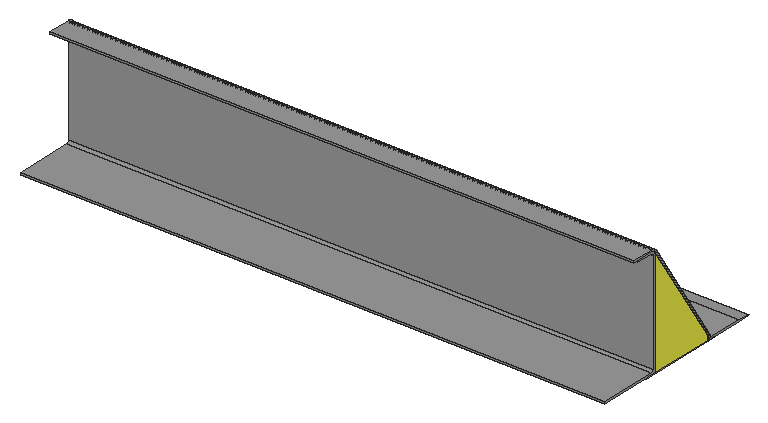
Revit family "CFS K 150 WIL", category Generic Models, Revit 2014
Parameters (values of type "Max lintel length 4800mm")
  URL = "http://www.keystonelintels.co.uk"
  Structural Opening [instance] = 900 mm
  Structural Performance = "The Keystone lintel range has safe working loads as detailed in each applicable loading table in the Keystone Lintel Guide brochure. The structural performance figures within each table have been ascertained by testing in accordance with the requirements of standards BS EN 5977-2: 1983 and BS EN 845-2: 2003."
  RIBA Productor Selector = "available for Keystone Lintels Ltd from Keystone Lintels Ltd from ribaproductselector.com"
  Model = "CFS/K 150 WIL"
  Min Length = 600 mm
  Min Clear Span = 300 mm
  Max Length = 4800 mm
  Max Clear Span = 4800 mm
  Material - Stainless Steel = "Grade 304 2b 1.4307 to BS EN 10088-2. Other grades available on request: contact manufacturer."
  Material - Galvanised Steel = "To BS EN 10346: 2009. DX51D plus Z600 or grade Z275 to BS 5977-2: 1983 (BS EN 845-2: 2003)."
  Manufacturer = "Keystone"
  Manufactured Length [instance] = (roundup(Effective Length / 150 mm) * 150 mm)  # 1200 mm
  Lintel height [instance] = 2100 mm
  Keynote = "F30/755"
  Fire Performance = "Keystone lintels have been subjected to a fire test (WARRES No. 101263) in accordance with BS 476-20: 1987, at Exova Warrington Fire and achieved a one hour fire performance."
  End Bearing = 150 mm
  Effective Length [instance] = Clear Opening with MIN MAX set + End Bearing * 2  # 1200 mm
  Corrosion = "Keystone’s standard range of lintels are manufactured from high quality grade pre-galvanized carbon steel with a zinc coating of 600"
  Contact Tel = "+44 (0)28 8676 2184"
  Contact Email = "info@keystonelintels.co.uk"
  Clear Opening with MIN MAX set [instance] = if(Structural Opening < Min Clear Span, Min Clear Span, (if(Structural Opening > Max Clear Span, Max Clear Span, Structural Opening)))  # 900 mm
  CPD Information = "Available for Keystone Lintels Ltd from ribacpd.com"
Reference planes
  plane 1 "Center (Front/Back)": y = 0
  plane 2: z = 0
  plane 3 "Center (Left/Right)": x = 0
  plane 4: x = -600
  plane 5: x = 600
  plane 6: z = 2100
  plane 7: x = -450
  plane 8: x = 450
Forms (mm)
  Extrusion 1, solid, material "Steel"
    sketch origin (0, 702.857, -496.245) x (0, 1, 0) y (0, 0, 1)
      loop
        line (-533.069, 2598.537) -> (-558.069, 2599.445) -> (-628.029, 2599.438)
        arc (-628.029, 2599.438) -> (-628.901, 2599.663) -> (-629.555, 2600.282) r 1.8
        line (-629.555, 2600.282) -> (-770.765, 2821.406)
        arc (-770.765, 2821.406) -> (-773.741, 2824.216) -> (-777.705, 2825.238) r 8.2
        line (-777.705, 2825.238) -> (-825.705, 2825.238) -> (-825.705, 2822.031) -> (-777.691, 2822.031)
        arc (-777.691, 2822.031) -> (-775.275, 2821.408) -> (-773.46, 2819.694) r 5
        line (-773.46, 2819.694) -> (-632.254, 2598.581)
        arc (-632.254, 2598.581) -> (-630.439, 2596.867) -> (-628.022, 2596.245) r 5
        line (-628.022, 2596.245) -> (-558.127, 2596.245) -> (-533.186, 2595.339) -> (-533.069, 2598.537)
    from -600 to 600
  Extrusion 2, solid, material "Steel"
    sketch origin (0, 702.857, -496.245) x (0, 1, 0) y (0, 0, 1)
      loop
        line (-900.903, 2596.245) -> (-780.735, 2596.245)
        arc (-780.735, 2596.245) -> (-775.149, 2598.558) -> (-772.835, 2604.145) r 7.9
        line (-772.835, 2604.145) -> (-772.835, 2814.131)
        arc (-772.835, 2814.131) -> (-775.149, 2819.717) -> (-780.735, 2822.031) r 7.9
        line (-780.735, 2822.031) -> (-815.735, 2822.031) -> (-815.735, 2818.831) -> (-781.035, 2818.831)
        arc (-781.035, 2818.831) -> (-777.499, 2817.366) -> (-776.035, 2813.831) r 5
        line (-776.035, 2813.831) -> (-776.035, 2604.445)
        arc (-776.035, 2604.445) -> (-777.499, 2600.909) -> (-781.035, 2599.445) r 5
        line (-781.035, 2599.445) -> (-900.903, 2599.445) -> (-900.903, 2596.245)
    from -600 to 600
  Extrusion 3, solid, material "Steel"
    sketch origin (0, 702.857, -496.245) x (0, 1, 0) y (0, 0, 1)
      loop
        line (-794.372, 2595.245) -> (-619.372, 2595.245) -> (-619.372, 2596.245) -> (-636.372, 2596.245) -> (-636.372, 2604.245) -> (-637.372, 2604.245) -> (-637.372, 2596.245) -> (-794.372, 2596.245) -> (-794.372, 2595.245)
    from -600 to 600
  Extrusion 4, solid, material "Insulation"
    sketch origin (0, 702.857, -496.245) x (0, 1, 0) y (0, 0, 1)
      loop
        arc (-628.022, 2596.245) -> (-630.439, 2596.867) -> (-632.254, 2598.581) r 5
        line (-632.254, 2598.581) -> (-773.46, 2819.694)
        arc (-773.46, 2819.694) -> (-775.892, 2821.695) -> (-779.037, 2821.846) r 5
        arc (-779.037, 2821.846) -> (-774.578, 2819.08) -> (-772.835, 2814.131) r 7.9
        line (-772.835, 2814.131) -> (-772.835, 2604.145)
        arc (-772.835, 2604.145) -> (-775.149, 2598.558) -> (-780.735, 2596.245) r 7.9
        line (-780.735, 2596.245) -> (-637.372, 2596.245) -> (-637.372, 2604.245) -> (-636.372, 2604.245) -> (-636.372, 2596.245) -> (-628.022, 2596.245)
    from -600 to 600
  Extrusion 5, solid, not visible
    sketch origin (0, 893.827, 1214.72) x (0, 1, 0) y (0, 0, 1)
      loop
        line (-533.069, 998.537) -> (-558.069, 999.445) -> (-628.029, 999.438)
        arc (-628.029, 999.438) -> (-628.901, 999.663) -> (-629.555, 1000.282) r 1.8
        line (-629.555, 1000.282) -> (-770.765, 1221.406)
        arc (-770.765, 1221.406) -> (-773.741, 1224.216) -> (-777.705, 1225.238) r 8.2
        line (-777.705, 1225.238) -> (-825.705, 1225.238) -> (-825.705, 1222.031) -> (-777.691, 1222.031)
        arc (-777.691, 1222.031) -> (-775.275, 1221.408) -> (-773.46, 1219.694) r 5
        line (-773.46, 1219.694) -> (-632.254, 998.581)
        arc (-632.254, 998.581) -> (-630.439, 996.867) -> (-628.022, 996.245) r 5
        line (-628.022, 996.245) -> (-558.127, 996.245) -> (-533.186, 995.339) -> (-533.069, 998.537)
    from 0 to 250
  Extrusion 6, solid, not visible
    sketch origin (0, 617.137, 1295.501) x (0, 1, 0) y (0, 0, 1)
      loop
        line (-900.903, 996.245) -> (-780.735, 996.245)
        arc (-780.735, 996.245) -> (-775.149, 998.558) -> (-772.835, 1004.145) r 7.9
        line (-772.835, 1004.145) -> (-772.835, 1214.131)
        arc (-772.835, 1214.131) -> (-775.149, 1219.717) -> (-780.735, 1222.031) r 7.9
        line (-780.735, 1222.031) -> (-815.735, 1222.031) -> (-815.735, 1218.831) -> (-781.035, 1218.831)
        arc (-781.035, 1218.831) -> (-777.499, 1217.366) -> (-776.035, 1213.831) r 5
        line (-776.035, 1213.831) -> (-776.035, 1004.445)
        arc (-776.035, 1004.445) -> (-777.499, 1000.909) -> (-781.035, 999.445) r 5
        line (-781.035, 999.445) -> (-900.903, 999.445) -> (-900.903, 996.245)
    from 0 to 250
  Extrusion 7, solid, not visible
    sketch origin (0, 916.256, 1025.612) x (0, 1, 0) y (0, 0, 1)
      loop
        line (-794.372, 995.245) -> (-619.372, 995.245) -> (-619.372, 996.245) -> (-636.372, 996.245) -> (-636.372, 1004.245) -> (-637.372, 1004.245) -> (-637.372, 996.245) -> (-794.372, 996.245) -> (-794.372, 995.245)
    from 0 to 250
  Extrusion 8, solid, not visible
    sketch origin (0, 535.696, 838.981) x (0, 1, 0) y (0, 0, 1)
      loop
        arc (-628.022, 996.245) -> (-630.439, 996.867) -> (-632.254, 998.581) r 5
        line (-632.254, 998.581) -> (-773.46, 1219.694)
        arc (-773.46, 1219.694) -> (-775.892, 1221.695) -> (-779.037, 1221.846) r 5
        arc (-779.037, 1221.846) -> (-774.578, 1219.08) -> (-772.835, 1214.131) r 7.9
        line (-772.835, 1214.131) -> (-772.835, 1004.145)
        arc (-772.835, 1004.145) -> (-775.149, 998.558) -> (-780.735, 996.245) r 7.9
        line (-780.735, 996.245) -> (-637.372, 996.245) -> (-637.372, 1004.245) -> (-636.372, 1004.245) -> (-636.372, 996.245) -> (-628.022, 996.245)
    from 0 to 250
Dimensions and locks
  equal spacing: plane 4, plane 3 "Center (Left/Right)", plane 5
  "Manufactured Length": plane 4 to plane 5
  "Lintel height": plane 6 to level
  "Structural Opening": plane 7 to plane 8
  equal spacing: plane 7, plane 3 "Center (Left/Right)", plane 8
  aligned and locked: level to plane 2
  aligned and locked: Extrusion 1 to plane 6
  aligned and locked: Extrusion 4 to plane 6
  aligned and locked: plane 6 to Extrusion 3
  aligned and locked: Extrusion 2 to plane 6
  aligned and locked: plane 5 to Extrusion 2
  aligned and locked: Extrusion 2 to plane 4
  aligned and locked: plane 5 to Extrusion 1
  aligned and locked: Extrusion 1 to plane 4
  aligned and locked: plane 5 to Extrusion 4
  aligned and locked: Extrusion 4 to plane 4
  aligned and locked: plane 5 to Extrusion 3
  aligned and locked: Extrusion 3 to plane 4
Automatic sketch dimensions
  Extrusion 1 sketch curve to Extrusion 1 sketch curve = 69.895 mm
  Extrusion 1 sketch curve to Extrusion 1 sketch curve = 0.058 mm
  Extrusion 1 sketch curve to Extrusion 1 sketch curve = 0.116 mm
  Extrusion 1 sketch curve to Extrusion 1 sketch curve = 0.906 mm
  Extrusion 1 sketch curve to Extrusion 1 sketch curve = 3.198 mm
  Extrusion 1 sketch curve to Extrusion 1 sketch curve = 0.007 mm  (x4)
  Extrusion 1 sketch curve to Extrusion 1 sketch curve = 3.193 mm
  Extrusion 1 sketch curve to Extrusion 1 sketch curve = 1.807 mm
  Extrusion 1 sketch curve to Extrusion 1 sketch curve = 4.224 mm
  Extrusion 1 sketch curve to Extrusion 1 sketch curve = 1.526 mm
  Extrusion 1 sketch curve to Extrusion 1 sketch curve = 141.211 mm
  Extrusion 1 sketch curve to Extrusion 1 sketch curve = 221.124 mm
  Extrusion 1 sketch curve to Extrusion 1 sketch curve = 2.694 mm
  Extrusion 1 sketch curve to Extrusion 1 sketch curve = 1.712 mm
  Extrusion 1 sketch curve to Extrusion 1 sketch curve = 4.231 mm
  Extrusion 1 sketch curve to Extrusion 1 sketch curve = 2.664 mm
  Extrusion 1 sketch curve to Extrusion 1 sketch curve = 48.014 mm
  Extrusion 1 sketch curve to Extrusion 1 sketch curve = 0.014 mm
  Extrusion 2 sketch curve to Extrusion 2 sketch curve = 120.168 mm
  Extrusion 2 sketch curve to Extrusion 2 sketch curve = 3.2 mm
  Extrusion 2 sketch curve to Extrusion 2 sketch curve = 0.3 mm  (x4)
  Extrusion 2 sketch curve to Extrusion 2 sketch curve = 4.7 mm
  Extrusion 2 sketch curve to Extrusion 2 sketch curve = 209.386 mm
  Extrusion 2 sketch curve to Extrusion 2 sketch curve = 5 mm
  Extrusion 2 sketch curve to Extrusion 2 sketch curve = 34.7 mm
  Extrusion 3 sketch curve to Extrusion 3 sketch curve = 175 mm
  Extrusion 3 sketch curve to Extrusion 3 sketch curve = 1 mm  (x2)
  Extrusion 3 sketch curve to Extrusion 3 sketch curve = 17 mm
  Extrusion 3 sketch curve to Extrusion 3 sketch curve = 8 mm
  Extrusion 3 sketch curve to Extrusion 3 sketch curve = 0 mm
  Extrusion 4 sketch curve to Extrusion 4 sketch curve = 4.231 mm
  Extrusion 4 sketch curve to Extrusion 4 sketch curve = 4.118 mm
  Extrusion 4 sketch curve to Extrusion 4 sketch curve = 0 mm  (x3)
  Extrusion 4 sketch curve to Extrusion 4 sketch curve = 2.664 mm
  Extrusion 4 sketch curve to Extrusion 4 sketch curve = 137.088 mm
  Extrusion 4 sketch curve to Extrusion 4 sketch curve = 223.45 mm
  Extrusion 4 sketch curve to Extrusion 4 sketch curve = 5.664 mm
  Extrusion 4 sketch curve to Extrusion 4 sketch curve = 1 mm
  Extrusion 4 sketch curve to Extrusion 4 sketch curve = 7.9 mm  (x3)
  Extrusion 4 sketch curve to Extrusion 4 sketch curve = 5.564 mm
  Extrusion 4 sketch curve to Extrusion 4 sketch curve = 3.044 mm
  Extrusion 4 sketch curve to Extrusion 4 sketch curve = 2.9 mm
  Extrusion 4 sketch curve to Extrusion 4 sketch curve = 1.346 mm
  Extrusion 4 sketch curve to Extrusion 4 sketch curve = 2.336 mm
  Extrusion 5 sketch curve to Extrusion 5 sketch curve = 69.895 mm
  Extrusion 5 sketch curve to Extrusion 5 sketch curve = 0.058 mm
  Extrusion 5 sketch curve to Extrusion 5 sketch curve = 0.116 mm
  Extrusion 5 sketch curve to Extrusion 5 sketch curve = 0.906 mm
  Extrusion 5 sketch curve to Extrusion 5 sketch curve = 3.198 mm
  Extrusion 5 sketch curve to Extrusion 5 sketch curve = 0.007 mm  (x4)
  Extrusion 5 sketch curve to Extrusion 5 sketch curve = 3.193 mm
  Extrusion 5 sketch curve to Extrusion 5 sketch curve = 1.807 mm
  Extrusion 5 sketch curve to Extrusion 5 sketch curve = 4.224 mm
  Extrusion 5 sketch curve to Extrusion 5 sketch curve = 1.526 mm
  Extrusion 5 sketch curve to Extrusion 5 sketch curve = 141.211 mm
  Extrusion 5 sketch curve to Extrusion 5 sketch curve = 221.124 mm
  Extrusion 5 sketch curve to Extrusion 5 sketch curve = 2.694 mm
  Extrusion 5 sketch curve to Extrusion 5 sketch curve = 1.712 mm
  Extrusion 5 sketch curve to Extrusion 5 sketch curve = 4.231 mm
  Extrusion 5 sketch curve to Extrusion 5 sketch curve = 2.664 mm
  Extrusion 5 sketch curve to Extrusion 5 sketch curve = 48.014 mm
  Extrusion 5 sketch curve to Extrusion 5 sketch curve = 0.014 mm
  Extrusion 6 sketch curve to Extrusion 6 sketch curve = 120.168 mm
  Extrusion 6 sketch curve to Extrusion 6 sketch curve = 3.2 mm
  Extrusion 6 sketch curve to Extrusion 6 sketch curve = 0.3 mm  (x4)
  Extrusion 6 sketch curve to Extrusion 6 sketch curve = 4.7 mm
  Extrusion 6 sketch curve to Extrusion 6 sketch curve = 209.386 mm
  Extrusion 6 sketch curve to Extrusion 6 sketch curve = 5 mm
  Extrusion 6 sketch curve to Extrusion 6 sketch curve = 34.7 mm
  Extrusion 7 sketch curve to Extrusion 7 sketch curve = 175 mm
  Extrusion 7 sketch curve to Extrusion 7 sketch curve = 1 mm  (x2)
  Extrusion 7 sketch curve to Extrusion 7 sketch curve = 17 mm
  Extrusion 7 sketch curve to Extrusion 7 sketch curve = 8 mm
  Extrusion 7 sketch curve to Extrusion 7 sketch curve = 0 mm
  Extrusion 8 sketch curve to Extrusion 8 sketch curve = 4.231 mm
  Extrusion 8 sketch curve to Extrusion 8 sketch curve = 4.118 mm
  Extrusion 8 sketch curve to Extrusion 8 sketch curve = 0 mm  (x3)
  Extrusion 8 sketch curve to Extrusion 8 sketch curve = 2.664 mm
  Extrusion 8 sketch curve to Extrusion 8 sketch curve = 137.088 mm
  Extrusion 8 sketch curve to Extrusion 8 sketch curve = 223.45 mm
  Extrusion 8 sketch curve to Extrusion 8 sketch curve = 5.664 mm
  Extrusion 8 sketch curve to Extrusion 8 sketch curve = 1 mm
  Extrusion 8 sketch curve to Extrusion 8 sketch curve = 7.9 mm  (x3)
  Extrusion 8 sketch curve to Extrusion 8 sketch curve = 5.564 mm
  Extrusion 8 sketch curve to Extrusion 8 sketch curve = 3.044 mm
  Extrusion 8 sketch curve to Extrusion 8 sketch curve = 2.9 mm
  Extrusion 8 sketch curve to Extrusion 8 sketch curve = 1.346 mm
  Extrusion 8 sketch curve to Extrusion 8 sketch curve = 2.336 mm
  Extrusion 4 sketch curve to plane 6 = 0 mm
  plane 1 "Center (Front/Back)" to Extrusion 4 sketch curve = 77.878 mm
  Extrusion 1 sketch curve to plane 6 = 0 mm
  plane 1 "Center (Front/Back)" to Extrusion 1 sketch curve = 122.848 mm
  Extrusion 2 sketch curve to plane 6 = 0 mm
  plane 1 "Center (Front/Back)" to Extrusion 2 sketch curve = 198.046 mm
  Extrusion 3 sketch curve to plane 6 = 0 mm
  plane 1 "Center (Front/Back)" to Extrusion 3 sketch curve = 91.515 mm
